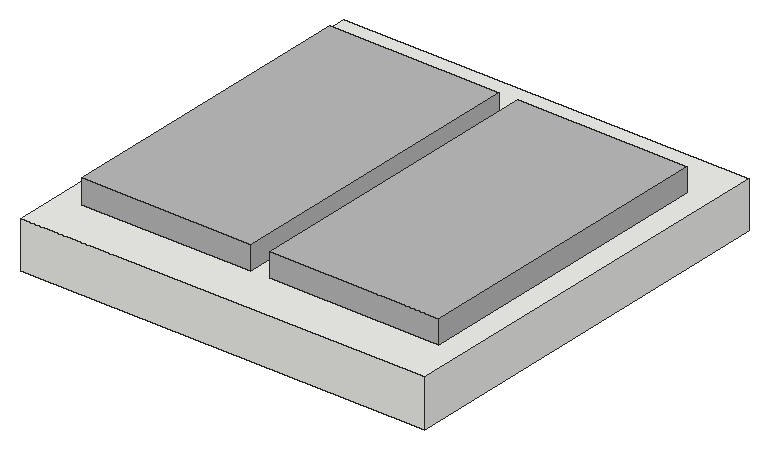
Revit family "LD_Light Switch 2-Gang", category Lighting Devices, host Face, Revit 2025
Family settings
  Host = Face
  Round Connector Dimension = Use Diameter
  Part Type = Normal
  Cut with Voids When Loaded = No
  Maintain Annotation Orientation = No
  Shared = No
  Room Calculation Point = No
Parameters (values of type "2-Gang 10AX 230V")
  Description = "2-gang 1-way light switch 10 AX 230 V, flush mounted"
  Default Elevation = 1219.2 mm
Reference planes
  plane 1 "Center (Front/Back)": y = 0
  plane 2: z = 0
  plane 3 "Center (Left/Right)": x = 0
Forms (mm)
  Extrusion 1, solid, material "Plastic - White (device)"
    sketch origin (0, 0, 0) x (1, 0, 0) y (0, 1, 0)
      loop
        line (-43, 0) -> (43, 0) -> (43, 86) -> (-43, 86) -> (-43, 0)
    from 0 to 10
  Extrusion 2, solid, material "Plastic - Grey (device)"
    sketch origin (0, 0, 0) x (1, 0, 0) y (0, 1, 0)
      loop
        line (-38, 10) -> (-2, 10) -> (-2, 76) -> (-38, 76) -> (-38, 10)
    from 10 to 15
  Extrusion 3, solid, material "Plastic - Grey (device)"
    sketch origin (0, 0, 0) x (1, 0, 0) y (0, 1, 0)
      loop
        line (2, 10) -> (38, 10) -> (38, 76) -> (2, 76) -> (2, 10)
    from 10 to 15
Dimensions and locks
  aligned and locked: plane 2 to host face
  aligned and locked: level to host face
